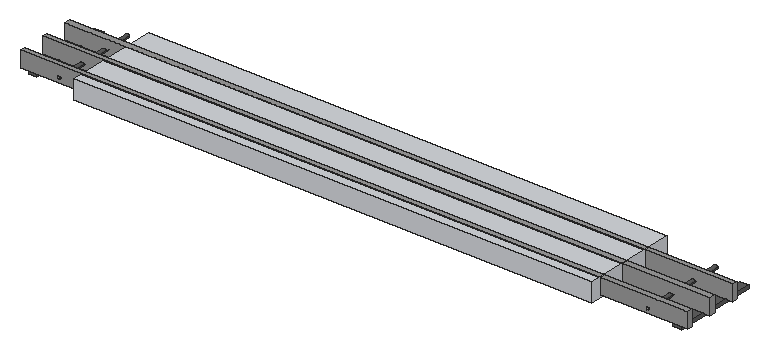
Revit family "1213-3, Veneer", category Generic Models, host Face, Revit 2020
Family settings
  Host = Face
  Can host rebar = No
  Round Connector Dimension = Use Diameter
  Part Type = Normal
  Cut with Voids When Loaded = No
  Shared = No
  Room Calculation Point = No
Parameters
  min_value [instance] = 1' - 11 1/4"  # constant formula
  max_value [instance] = 9' - 11 1/4"  # constant formula
  actual_value [instance] = if(NET LENGTH < min_value, min_value, if(NET LENGTH > max_value, max_value, NET LENGTH))  # 7' - 11 1/4"
  NET LENGTH [instance] = 7' - 11 1/4"
  IMPORTANT NOTE!!!                                                                             *Backer & dowel layout is for visualization purposes only, final layout to be determined by 9Wood. [instance] = ""
  Default Elevation = 4' - 0"
  DOWEL RADIUS [instance] = 0' - 0 1/4"  # constant formula
  BACKING M MATERIAL [instance] = BLACK-BACKERS
  .. MEMBER WIDTH [instance] = 0' - 0 3/4"  # constant formula
  .. MEMBER MATERIAL [instance] = Veneer Cherry
  .. MEMBER DEPTH [instance] = 0' - 2 1/4"  # constant formula
  .. MEMBER COUNT [instance] = 3  # constant formula
Reference planes (in)
  plane 1 "Center (Front/Back)": y = 0
  plane 2: z = 2.726
  plane 3 "Center (Left/Right)": x = 0
Forms (in)
  Extrusion 1, solid
    sketch origin (15, -0.86619, -0.99308) x (0, 1, 0) y (-1, 0, 0)
      loop
        line (3.42869, -23.66817) -> (3.42869, 50.25) -> (-10, 50.25) -> (-10, -23.66817) -> (3.42869, -23.66817)
    from 3.71908 to 1.00111
Dimensions and locks (in)
  aligned and locked: plane 2 to Extrusion 1
Nested families (in)
  nested 1: "1200 Series" at (-44, -2, 1.87867), NET LENGTH <- "actual_value", DOWEL RADII <- "DOWEL RADIUS", .. MEMBER WIDTH <- ".. MEMBER WIDTH", .. MEMBER DEPTH <- ".. MEMBER DEPTH", .. MEMBER MATERIAL <- ".. MEMBER MATERIAL", BACKING M MATERIAL <- "BACKING M MATERIAL", .. MEMBER COUNT <- ".. MEMBER COUNT", type "1200 Series"
    with X 7' - 4", WIDTH 1' - 0 1/16", Space 0' - 0 11/16", START 0' - 0 3/8", SCRIM MATERIAL SCRIM, SCRIM 3 8' - 1", SCRIM 2 0' - 0 7/8", SCRIM 1 0' - 0 3/32", SCRIM yes, NET LENGTH 7' - 11 1/4", N 8, INSET 3 0' - 0 3/16", INSET 0' - 1", INDEX 0' - 5 5/8", END BACKER yes, DOWEL RADII 0' - 0 1/4", DOWEL COUNT 8, BACKING M WIDTH 0' - 1 1/4", BACKING M MATERIAL BLACK-BACKERS, BACKING M LENGTH 0' - 11 7/8", BACKING M DEPTH 0' - 0 1/2", .. MEMBER WIDTH 0' - 0 3/4", .. MEMBER OC TYP 0' - 4", .. MEMBER MATERIAL Veneer Cherry, .. MEMBER DEPTH 0' - 2 1/4", .. MEMBER COUNT 3
Definition of nested family "1200 Series"
  Parameters (values of type "1200 Series")
    X [instance] = NET LENGTH - (0' 3 5/8" * 2)  # 6' - 2"
    WIDTH [instance] = 1' - 0 1/16"
    Space [instance] = 0' - 0 11/16"  # constant formula
    START [instance] = .. MEMBER WIDTH / 2  # 0' - 0 3/8"
    SCRIM MATERIAL [instance] = none
    SCRIM 3 [instance] = NET LENGTH + (SCRIM 2 * 2)  # 6' - 11"
    SCRIM 2 [instance] = 0' - 0 7/8"
    SCRIM 1 [instance] = 0' - 0 3/32"
    SCRIM [instance] = yes
    NET LENGTH [instance] = 6' - 9 1/4"
    N [instance] = if((X - (rounddown(X / 1' 0") * 1' 0")) > 1' 0", rounddown(X / 1' 0") + 2, rounddown(X / 1' 0") + 1)  # 7
    INSET 3 [instance] = 0' - 0 3/16"
    INSET [instance] = 0' - 1"
    INDEX [instance] = (NET LENGTH - ((N - 1) * 1' 0")) / 2  # 0' - 4 5/8"
    END BACKER [instance] = yes
    Default Elevation = 0' - 0"
    DOWEL RADII [instance] = 0' - 0 1/4"
    DOWEL COUNT [instance] = N  # 7
    BACKING M WIDTH [instance] = 0' - 1 1/4"
    BACKING M MATERIAL [instance] = none
    BACKING M LENGTH [instance] = 0' - 11 7/8"
    BACKING M DEPTH [instance] = 0' - 0 1/2"
    .. MEMBER WIDTH [instance] = 0' - 0 3/4"
    .. MEMBER OC TYP [instance] = 1' 0" / .. MEMBER COUNT  # 0' - 3"
    .. MEMBER MATERIAL [instance] = none
    .. MEMBER DEPTH [instance] = 0' - 1 3/8"
    .. MEMBER COUNT [instance] = 4
  Reference planes (in)
    plane 1 "Center (Front/Back)": y = -7.5
    plane 2: z = 0
    plane 3 "Center (Left/Right)": x = 0
    plane 4: x = 1
    plane 5: x = 4.625
    plane 6: x = 81.25
    plane 7: x = 80.25
    plane 8: x = 16.625
    plane 9: y = -7.3125
    plane 10: y = -4.125
    plane 11: y = -7.125
    plane 12: y = 4.5625
    plane 13: y = -4.5
    plane 14: y = -7.59375
    plane 15: x = 82.125
    plane 16: y = 4.65625
    plane 17: x = -0.875
    plane 18: z = -1.375
    plane 19: z = -0.6875
  Lines and regions (in)
    model lines
      curve 1: line (4.375, -7.5, -0.6875) -> (4.875, -7.5, -0.6875)
    model lines, not visible
      curve 2: line (4.625, -7.5, -0.9375) -> (4.625, -7.5, -0.4375)
      curve 3: line (4.375, -7.5, -0.6875) -> (4.875, -7.5, -0.6875)
      curve 4: line (16.625, -7.5, -0.9375) -> (16.625, -7.5, -0.4375)
      curve 5: line (16.375, -7.5, -0.6875) -> (16.875, -7.5, -0.6875)
      curve 6: line (28.625, -7.5, -0.9375) -> (28.625, -7.5, -0.4375)
      curve 7: line (28.375, -7.5, -0.6875) -> (28.875, -7.5, -0.6875)
      curve 8: line (40.625, -7.5, -0.9375) -> (40.625, -7.5, -0.4375)
      curve 9: line (40.375, -7.5, -0.6875) -> (40.875, -7.5, -0.6875)
      curve 10: line (52.625, -7.5, -0.9375) -> (52.625, -7.5, -0.4375)
      curve 11: line (52.375, -7.5, -0.6875) -> (52.875, -7.5, -0.6875)
      curve 12: line (64.625, -7.5, -0.9375) -> (64.625, -7.5, -0.4375)
      curve 13: line (64.375, -7.5, -0.6875) -> (64.875, -7.5, -0.6875)
      curve 14: line (76.625, -7.5, -0.9375) -> (76.625, -7.5, -0.4375)
      curve 15: line (76.375, -7.5, -0.6875) -> (76.875, -7.5, -0.6875)
  Dimensions and locks (in)
    "NET LENGTH": plane 3 "Center (Left/Right)" to plane 6
    "INSET": plane 7 to plane 6
    "INDEX": plane 3 "Center (Left/Right)" to plane 5
    plane 5 to plane 8 = 1' - 0"
    "INSET 3": plane 1 "Center (Front/Back)" to plane 9
    equal spacing: group 1, group 2, group 3, group 4  (x3)
    "START": plane 11 to plane 1 "Center (Front/Back)"
    ".. MEMBER OC TYP": plane 10 to plane 11
    "WIDTH": plane 12 to plane 1 "Center (Front/Back)"
    "START": plane 10 to plane 13
    "SCRIM 1": plane 14 to plane 1 "Center (Front/Back)"
    "SCRIM 2": plane 6 to plane 15
    "SCRIM 1": plane 12 to plane 16
    "SCRIM 2": plane 17 to plane 3 "Center (Left/Right)"
    "INSET": plane 3 "Center (Left/Right)" to plane 4
    equal spacing: group 5, group 6, group 7, group 8, group 9, group 10, group 11  (x3)
    "Space": plane 19 to plane 18
    aligned and locked: level to plane 2
    aligned and locked: nested 1 to plane 4  (x2)
    aligned and locked: plane 7 to nested 2
    aligned and locked: plane 5 to nested 3
    aligned and locked: nested 1 to plane 9
    aligned and locked: plane 1 "Center (Front/Back)" to nested 4
    aligned and locked: plane 9 to nested 2
    aligned and locked: plane 13 to nested 5
    aligned and locked: nested 3 to plane 9
    aligned and locked: plane 18 to nested 1
    aligned and locked: plane 19 to nested 3
    aligned and locked: curve 1 to plane 19
    aligned and locked: plane 8 to curve 4
    aligned and locked: curve 5 to plane 19
    aligned and locked: nested 4 to plane 18
  Automatic sketch dimensions
    curve 1 to curve 1 = 0' - 0 1/2"
    curve 1 to plane 5 = 0' - 0 1/4"
    plane 5 to curve 1 = 0' - 0 1/4"
    curve 3 to curve 2 = 0' - 0 1/4"  (x2)
    curve 2 to curve 3 = 0' - 0 1/4"  (x2)
    curve 5 to curve 4 = 0' - 0 1/4"  (x2)
    curve 4 to curve 5 = 0' - 0 1/4"  (x2)
    curve 7 to curve 6 = 0' - 0 1/4"  (x2)
    curve 6 to curve 7 = 0' - 0 1/4"  (x2)
    curve 9 to curve 8 = 0' - 0 1/4"  (x2)
    curve 8 to curve 9 = 0' - 0 1/4"  (x2)
    curve 11 to curve 10 = 0' - 0 1/4"  (x2)
    curve 10 to curve 11 = 0' - 0 1/4"  (x2)
    curve 13 to curve 12 = 0' - 0 1/4"  (x2)
    curve 12 to curve 13 = 0' - 0 1/4"  (x2)
    curve 15 to curve 14 = 0' - 0 1/4"  (x2)
    curve 14 to curve 15 = 0' - 0 1/4"  (x2)
  Nested families (in)
    nested 1: "INSTANCE - 2ND -  EXTEND SIDE H CENTER W - Parametric Cube" at (1, -1.375, -1.375) x (0, -1, 0) z (0, 0, 1), Width <- "BACKING M LENGTH", Length <- "BACKING M WIDTH", Material <- "BACKING M MATERIAL", Height <- "BACKING M DEPTH", visible <- "END BACKER", type "INSTANCE - 2ND -  EXTEND SIDE H CENTER W - Parametric Cube"
      with Width 0' - 11 7/8", Material none, Length 0' - 1 1/4", Height 0' - 0 1/2"
    nested 2: "INSTANCE - 2ND -  EXTEND SIDE H CENTER W - Parametric Cube" at (80.25, -1.375, -1.375) x (0, -1, 0) z (0, 0, 1), Width <- "BACKING M LENGTH", Length <- "BACKING M WIDTH", Material <- "BACKING M MATERIAL", Height <- "BACKING M DEPTH", visible <- "END BACKER", type "INSTANCE - 2ND -  EXTEND SIDE H CENTER W - Parametric Cube"
      with Width 0' - 11 7/8", Material none, Length 0' - 1 1/4", Height 0' - 0 1/2"
    nested 3: "Family3" at (-5.375, -7.3125, -0.6875), DOWEL RADII <- "DOWEL RADII", BACKING MEM MATERIAL <- "BACKING M MATERIAL", type "Family3"
      with DOWEL RADII 0' - 0 1/4", DOWEL LENGTH 0' - 11 7/8", BACKING MEM MATERIAL none
    nested 4: "HOLED MEMBER" at (0, -18.75, 6.19404), DOWEL RADII <- "DOWEL RADII", .. MEMBER LENGTH <- "NET LENGTH", DOWEL COUNT <- "DOWEL COUNT", DEPTH <- ".. MEMBER DEPTH", .. MEMBER WIDTH <- ".. MEMBER WIDTH", Material <- ".. MEMBER MATERIAL", DOWEL INDEX <- "INDEX", Space 2 <- "Space", type "HOLED MEMBER"
      with Width 0' - 6", Space 2 0' - 0 11/16", Material none, Length 1' - 0", Height 0' - 10.43096", DOWEL RADII 0' - 0 1/4", DOWEL OC DIST 1' - 0", DOWEL INDEX 0' - 4 5/8", DOWEL COUNT 7, DEPTH 0' - 1 3/8", .. MEMBER WIDTH 0' - 0 3/4", .. MEMBER LENGTH 6' - 9 1/4"
    nested 5: "HOLED MEMBER" at (0, -15.75, 6.19404), DOWEL RADII <- "DOWEL RADII", .. MEMBER LENGTH <- "NET LENGTH", DOWEL COUNT <- "DOWEL COUNT", DEPTH <- ".. MEMBER DEPTH", .. MEMBER WIDTH <- ".. MEMBER WIDTH", Material <- ".. MEMBER MATERIAL", DOWEL INDEX <- "INDEX", Space 2 <- "Space", type "HOLED MEMBER"
      with Width 0' - 6", Space 2 0' - 0 11/16", Material none, Length 1' - 0", Height 0' - 10.43096", DOWEL RADII 0' - 0 1/4", DOWEL OC DIST 1' - 0", DOWEL INDEX 0' - 4 5/8", DOWEL COUNT 7, DEPTH 0' - 1 3/8", .. MEMBER WIDTH 0' - 0 3/4", .. MEMBER LENGTH 6' - 9 1/4"
    nested 6: "HOLED MEMBER" at (0, -12.75, 6.19404), DOWEL RADII <- "DOWEL RADII", .. MEMBER LENGTH <- "NET LENGTH", DOWEL COUNT <- "DOWEL COUNT", DEPTH <- ".. MEMBER DEPTH", .. MEMBER WIDTH <- ".. MEMBER WIDTH", Material <- ".. MEMBER MATERIAL", DOWEL INDEX <- "INDEX", Space 2 <- "Space", type "HOLED MEMBER"
      with Width 0' - 6", Space 2 0' - 0 11/16", Material none, Length 1' - 0", Height 0' - 10.43096", DOWEL RADII 0' - 0 1/4", DOWEL OC DIST 1' - 0", DOWEL INDEX 0' - 4 5/8", DOWEL COUNT 7, DEPTH 0' - 1 3/8", .. MEMBER WIDTH 0' - 0 3/4", .. MEMBER LENGTH 6' - 9 1/4"
    nested 7: "HOLED MEMBER" at (0, -9.75, 6.19404), DOWEL RADII <- "DOWEL RADII", .. MEMBER LENGTH <- "NET LENGTH", DOWEL COUNT <- "DOWEL COUNT", DEPTH <- ".. MEMBER DEPTH", .. MEMBER WIDTH <- ".. MEMBER WIDTH", Material <- ".. MEMBER MATERIAL", DOWEL INDEX <- "INDEX", Space 2 <- "Space", type "HOLED MEMBER"
      with Width 0' - 6", Space 2 0' - 0 11/16", Material none, Length 1' - 0", Height 0' - 10.43096", DOWEL RADII 0' - 0 1/4", DOWEL OC DIST 1' - 0", DOWEL INDEX 0' - 4 5/8", DOWEL COUNT 7, DEPTH 0' - 1 3/8", .. MEMBER WIDTH 0' - 0 3/4", .. MEMBER LENGTH 6' - 9 1/4"
    nested 8: "Family3" at (6.625, -7.3125, -0.6875), DOWEL RADII <- "DOWEL RADII", BACKING MEM MATERIAL <- "BACKING M MATERIAL", type "Family3"
      with DOWEL RADII 0' - 0 1/4", DOWEL LENGTH 0' - 11 7/8", BACKING MEM MATERIAL none
    nested 9: "Family3" at (18.625, -7.3125, -0.6875), DOWEL RADII <- "DOWEL RADII", BACKING MEM MATERIAL <- "BACKING M MATERIAL", type "Family3"
      with DOWEL RADII 0' - 0 1/4", DOWEL LENGTH 0' - 11 7/8", BACKING MEM MATERIAL none
    nested 10: "Family3" at (30.625, -7.3125, -0.6875), DOWEL RADII <- "DOWEL RADII", BACKING MEM MATERIAL <- "BACKING M MATERIAL", type "Family3"
      with DOWEL RADII 0' - 0 1/4", DOWEL LENGTH 0' - 11 7/8", BACKING MEM MATERIAL none
    nested 11: "Family3" at (42.625, -7.3125, -0.6875), DOWEL RADII <- "DOWEL RADII", BACKING MEM MATERIAL <- "BACKING M MATERIAL", type "Family3"
      with DOWEL RADII 0' - 0 1/4", DOWEL LENGTH 0' - 11 7/8", BACKING MEM MATERIAL none
    nested 12: "Family3" at (54.625, -7.3125, -0.6875), DOWEL RADII <- "DOWEL RADII", BACKING MEM MATERIAL <- "BACKING M MATERIAL", type "Family3"
      with DOWEL RADII 0' - 0 1/4", DOWEL LENGTH 0' - 11 7/8", BACKING MEM MATERIAL none
    nested 13: "Family3" at (66.625, -7.3125, -0.6875), DOWEL RADII <- "DOWEL RADII", BACKING MEM MATERIAL <- "BACKING M MATERIAL", type "Family3"
      with DOWEL RADII 0' - 0 1/4", DOWEL LENGTH 0' - 11 7/8", BACKING MEM MATERIAL none
  Definition of nested family "INSTANCE - 2ND -  EXTEND SIDE H CENTER W - Parametric Cube"
    Parameters (values of type "INSTANCE - 2ND -  EXTEND SIDE H CENTER W - Parametric Cube")
      Width [instance] = 0' - 6"
      Material [instance] = none
      Length [instance] = 1' - 0"
      Height [instance] = 1' - 6"
      Default Elevation = 0' - 0"
    Reference planes (in)
      plane 1 "Center (Front/Back)": y = 0
      plane 2: z = 0
      plane 3 "Center (Left/Right)": x = 0
      plane 4: x = -3
      plane 5: x = 3
      plane 6: y = 12
      plane 7: z = -18
    Forms (in)
      Extrusion 1, solid, material <- "Material"
        sketch origin (0, 6, 0) x (1, 0, 0) y (0, 1, 0)
          loop
            line (-3, 6) -> (-3, -6) -> (3, -6) -> (3, 6) -> (-3, 6)
        from -18 to 0
    Dimensions and locks (in)
      equal spacing: plane 4, plane 3 "Center (Left/Right)", plane 5
      "Width": plane 4 to plane 5
      "Height": plane 7 to level
      "Length": plane 1 "Center (Front/Back)" to plane 6
      aligned and locked: plane 2 to level
      aligned and locked: plane 4 to Extrusion 1 sketch curve
      aligned and locked: Extrusion 1 sketch curve to plane 5
      aligned and locked: Extrusion 1 to plane 7
      aligned and locked: plane 6 to Extrusion 1
    Automatic sketch dimensions
      plane 1 "Center (Front/Back)" to Extrusion 1 sketch curve = 0' - 0"
      plane 6 to Extrusion 1 sketch curve = 0' - 0"
  Definition of nested family "Family3"
    Parameters (values of type "Family3")
      Default Elevation = 0' - 0"
      DOWEL RADII [instance] = 0' - 0 5/8"
      DOWEL LENGTH [instance] = 0' - 5"
      BACKING MEM MATERIAL [instance] = none
    Reference planes (in)
      plane 1 "Center (Front/Back)": y = 0
      plane 2: z = 0
      plane 3 "Center (Left/Right)": x = 0
      plane 4: y = 5
    Forms (in)
      Extrusion 1, solid, material <- "BACKING MEM MATERIAL"
        sketch origin (10, 0, 0) x (1, 0, 0) y (0, 0, 1)
          loop
            circle (0, 0) r 0.625
        from 0 to -5
      Extrusion 2, solid, not visible
        sketch origin (0, 0, 0) x (1, 0, 0) y (0, 0, 1)
          loop
            circle (0, 0) r 0.625
        from 0 to 12
      Extrusion 3, solid, not visible
        sketch origin (10, 0, 0) x (1, 0, 0) y (0, 0, 1)
          loop
            circle (0, 0) r 0.625
        from 0 to 2.5
      Extrusion 4, solid, not visible
        sketch origin (10, 0, 0) x (1, 0, 0) y (0, 0, 1)
          loop
            circle (0, 0) r 0.625
        from 0 to -12
    Lines and regions (in)
      model lines, not visible
        curve 1: line (-13, 0, 0) -> (-13, -12, 0)
        curve 2: line (13, 0, 0) -> (13, -12, 0)
        curve 3: line (9.89453, 0, 0) -> (10.08794, 0, 0)
        curve 4: line (9.89453, -2.5, 0) -> (10.08794, -2.5, 0)
        curve 6: line (10, 0, 0) -> (10, 2, 0)
      model lines
        curve 5: line (10, 0, 0) -> (10, 2, 0)
    Dimensions and locks (in)
      "DOWEL LENGTH": plane 1 "Center (Front/Back)" to plane 4
      "DOWEL RADII": radius of Extrusion 1 sketch curve
      "DOWEL RADII": radius of Extrusion 2 sketch curve
      "DOWEL RADII": radius of Extrusion 3 sketch curve
      "DOWEL RADII": radius of Extrusion 4 sketch curve
      "DOWEL RADII": radius of Extrusion 1
      aligned and locked: plane 2 to level
      aligned and locked: Extrusion 1 to plane 1 "Center (Front/Back)"  (x3)
      aligned and locked: plane 1 "Center (Front/Back)" to Extrusion 1
      aligned and locked: plane 4 to Extrusion 1
    Automatic sketch dimensions
      plane 1 "Center (Front/Back)" to curve 5 = 0' - 0"
      curve 5 to plane 1 "Center (Front/Back)" = 0' - 2"
      plane 3 "Center (Left/Right)" to curve 5 = 0' - 10"
      Extrusion 1 sketch curve to level = 0' - 0"
      plane 3 "Center (Left/Right)" to Extrusion 1 sketch curve = 0' - 10"
  Definition of nested family "HOLED MEMBER"
    Parameters (values of type "HOLED MEMBER")
      Width [instance] = 0' - 6"
      Space 2 [instance] = 0' - 0 5/8"
      Space = 0' - 0 5/8"
      Material [instance] = none
      Length [instance] = 1' - 0"
      Height [instance] = 0' - 10.43096"
      Default Elevation = 0' - 0"
      DOWEL RADII [instance] = 0' - 0.34537"
      DOWEL OC DIST [instance] = 1' - 0"
      DOWEL INSET = 0' - 0 5/8"
      DOWEL INDEX [instance] = 0' - 5 5/8"
      DOWEL COUNT [instance] = 6
      DEPTH [instance] = 0' - 2"
      .. MEMBER WIDTH [instance] = 0' - 0 5/8"
      .. MEMBER LENGTH [instance] = 5' - 11 3/4"
    Reference planes (in)
      plane 1 "Center (Front/Back)": y = 12
      plane 2: z = -7.56904
      plane 3 "Center (Left/Right)": x = 0
      plane 4: x = 5.625
      plane 5: x = 17.625
      plane 6: y = 11.375
      plane 7: x = 71.75
      plane 8: z = -6.94404
      plane 9: z = -5.56904
    Forms (in)
      Extrusion 1, solid, material <- "Material"
        sketch origin (0, 12, -13.56904) x (1, 0, 0) y (0, 0, 1)
          loop
            line (0, 6) -> (71.75, 6) -> (71.75, 8) -> (0, 8) -> (0, 6)
        from 0.625 to 0
      Extrusion 2, void
        sketch origin (0, 12, -18.31904) x (1, 0, 0) y (0, 0, 1)
          loop
            circle (5.625, 11.375) r 0.34537
        from 0 to 12
      Extrusion 3, void, not visible
        sketch origin (0, 1.25, 0) x (1, 0, 0) y (0, 1, 0)
          loop
            circle (5.625, 11.375) r 0.34537
        from 0 to 12
      Extrusion 4, void, not visible
        sketch origin (0, 1.25, 0) x (1, 0, 0) y (0, 1, 0)
          loop
            circle (5.625, 11.375) r 0.34537
        from 0 to 12
      Extrusion 5, void, not visible
        sketch origin (12, 1.25, 0) x (1, 0, 0) y (0, 1, 0)
          loop
            circle (5.625, 11.375) r 0.34537
        from 0 to 12
      Extrusion 6, void, not visible
        sketch origin (0, 12, -16.31904) x (1, 0, 0) y (0, 0, 1)
          loop
            circle (5.625, 11.375) r 0.34537
        from 0 to 12
      Extrusion 7, void, not visible
        sketch origin (12, 12, -16.31904) x (1, 0, 0) y (0, 0, 1)
          loop
            circle (5.625, 11.375) r 0.34537
        from 0 to 12
      Extrusion 8, void, not visible
        sketch origin (0, 12, -18.31904) x (1, 0, 0) y (0, 0, 1)
          loop
            circle (5.625, 11.375) r 0.34537
        from 0 to 12
      Extrusion 9, void
        sketch origin (12, 12, -18.31904) x (1, 0, 0) y (0, 0, 1)
          loop
            circle (5.625, 11.375) r 0.34537
        from 0 to 12
      Extrusion 10, void, not visible
        sketch origin (24, 12, -16.31904) x (1, 0, 0) y (0, 0, 1)
          loop
            circle (5.625, 11.375) r 0.34537
        from 0 to 12
      Extrusion 11, void, not visible
        sketch origin (36, 12, -16.31904) x (1, 0, 0) y (0, 0, 1)
          loop
            circle (5.625, 11.375) r 0.34537
        from 0 to 12
      Extrusion 12, void, not visible
        sketch origin (48, 12, -16.31904) x (1, 0, 0) y (0, 0, 1)
          loop
            circle (5.625, 11.375) r 0.34537
        from 0 to 12
      Extrusion 13, void, not visible
        sketch origin (60, 12, -16.31904) x (1, 0, 0) y (0, 0, 1)
          loop
            circle (5.625, 11.375) r 0.34537
        from 0 to 12
      Extrusion 14, void, not visible
        sketch origin (24, 1.25, 0) x (1, 0, 0) y (0, 1, 0)
          loop
            circle (5.625, 11.375) r 0.34537
        from 0 to 12
      Extrusion 15, void, not visible
        sketch origin (36, 1.25, 0) x (1, 0, 0) y (0, 1, 0)
          loop
            circle (5.625, 11.375) r 0.34537
        from 0 to 12
      Extrusion 16, void, not visible
        sketch origin (48, 1.25, 0) x (1, 0, 0) y (0, 1, 0)
          loop
            circle (5.625, 11.375) r 0.34537
        from 0 to 12
      Extrusion 17, void, not visible
        sketch origin (60, 1.25, 0) x (1, 0, 0) y (0, 1, 0)
          loop
            circle (5.625, 11.375) r 0.34537
        from 0 to 12
      Extrusion 18, void
        sketch origin (24, 12, -18.31904) x (1, 0, 0) y (0, 0, 1)
          loop
            circle (5.625, 11.375) r 0.34537
        from 0 to 12
      Extrusion 19, void
        sketch origin (36, 12, -18.31904) x (1, 0, 0) y (0, 0, 1)
          loop
            circle (5.625, 11.375) r 0.34537
        from 0 to 12
      Extrusion 20, void
        sketch origin (48, 12, -18.31904) x (1, 0, 0) y (0, 0, 1)
          loop
            circle (5.625, 11.375) r 0.34537
        from 0 to 12
      Extrusion 21, void
        sketch origin (60, 12, -18.31904) x (1, 0, 0) y (0, 0, 1)
          loop
            circle (5.625, 11.375) r 0.34537
        from 0 to 12
    Cuts and joins
      Extrusion 2, Extrusion 9, Extrusion 18, Extrusion 19, Extrusion 20, Extrusion 21 cuts Extrusion 1
    Lines and regions (in)
      model lines, not visible
        curve 1: line (5.625, 11.72037, 0) -> (5.625, 11.02963, 0)
        curve 2: line (5.625, 11.72037, 0) -> (5.625, 11.02963, 0)
        curve 3: line (17.625, 11.72037, 0) -> (17.625, 11.02963, 0)
        curve 4: line (5.625, 12, -7.56904) -> (5.625, 11.87317, -7.56904)
        curve 5: line (5.625, 11.87317, -7.56904) -> (5.06195, 11.87317, -7.56904)
        curve 6: line (5.06195, 11.87317, -7.56904) -> (5.27963, 11.375, -7.56904)
        curve 7: line (0, 12, -6.19404) -> (0, 11.61951, -6.19404)
        curve 8: line (0, 11.375, -8.19404) -> (0, 11.6747, -8.19404)
        curve 9: line (5.625, 12, -7.56904) -> (5.625, 11.69863, -7.56904)
        curve 11: line (5.625, 12, 0) -> (5.625, 12, 0.30137)
        curve 12: line (5.625, 12, 0) -> (5.625, 12, 0.30137)
        curve 13: line (17.625, 12, 0) -> (17.625, 12, 0.30137)
        curve 14: line (5.625, 12, -5.56904) -> (5.625, 11.69863, -5.56904)
        curve 15: line (17.625, 12, -5.56904) -> (17.625, 11.69863, -5.56904)
        curve 16: line (5.625, 12, -7.56904) -> (5.625, 11.69863, -7.56904)
        curve 18: line (29.625, 12, -5.56904) -> (29.625, 11.69863, -5.56904)
        curve 19: line (41.625, 12, -5.56904) -> (41.625, 11.69863, -5.56904)
        curve 20: line (53.625, 12, -5.56904) -> (53.625, 11.69863, -5.56904)
        curve 21: line (65.625, 12, -5.56904) -> (65.625, 11.69863, -5.56904)
        curve 22: line (29.625, 11.72037, 0) -> (29.625, 11.02963, 0)
        curve 23: line (29.625, 12, 0) -> (29.625, 12, 0.30137)
        curve 24: line (41.625, 11.72037, 0) -> (41.625, 11.02963, 0)
        curve 25: line (41.625, 12, 0) -> (41.625, 12, 0.30137)
        curve 26: line (53.625, 11.72037, 0) -> (53.625, 11.02963, 0)
        curve 27: line (53.625, 12, 0) -> (53.625, 12, 0.30137)
        curve 28: line (65.625, 11.72037, 0) -> (65.625, 11.02963, 0)
        curve 29: line (65.625, 12, 0) -> (65.625, 12, 0.30137)
        curve 35: line (5.27963, 12.625, 0) -> (5.97037, 12.625, 0)
        curve 36: line (5.27963, 12.625, 0) -> (5.97037, 12.625, 0)
        curve 37: line (17.27963, 12.625, 0) -> (17.97037, 12.625, 0)
        curve 38: line (5.27963, 12, -4.94404) -> (5.97037, 12, -4.94404)
        curve 39: line (17.27963, 12, -4.94404) -> (17.97037, 12, -4.94404)
        curve 40: line (5.27963, 12, -6.94404) -> (5.97037, 12, -6.94404)
        curve 42: line (29.27963, 12, -4.94404) -> (29.97037, 12, -4.94404)
        curve 43: line (41.27963, 12, -4.94404) -> (41.97037, 12, -4.94404)
        curve 44: line (53.27963, 12, -4.94404) -> (53.97037, 12, -4.94404)
        curve 45: line (65.27963, 12, -4.94404) -> (65.97037, 12, -4.94404)
        curve 46: line (29.27963, 12.625, 0) -> (29.97037, 12.625, 0)
        curve 47: line (41.27963, 12.625, 0) -> (41.97037, 12.625, 0)
        curve 48: line (53.27963, 12.625, 0) -> (53.97037, 12.625, 0)
        curve 49: line (65.27963, 12.625, 0) -> (65.97037, 12.625, 0)
        curve 54: line (0, 12, -6.94404) -> (0, 4.22059, -6.94404)
        curve 55: line (0, 12.625, 0) -> (0, 12.625, 7.77941)
        curve 56: line (0, 12.625, 0) -> (0, 12.625, 7.77941)
        curve 57: line (12, 12.625, 0) -> (12, 12.625, 7.77941)
        curve 58: line (0, 12, -4.94404) -> (0, 4.22059, -4.94404)
        curve 59: line (12, 12, -4.94404) -> (12, 4.22059, -4.94404)
        curve 60: line (0, 12, -6.94404) -> (0, 4.22059, -6.94404)
        curve 61: line (12, 12, -6.94404) -> (12, 4.22059, -6.94404)
        curve 62: line (24, 12, -4.94404) -> (24, 4.22059, -4.94404)
        curve 63: line (36, 12, -4.94404) -> (36, 4.22059, -4.94404)
        curve 64: line (48, 12, -4.94404) -> (48, 4.22059, -4.94404)
        curve 65: line (60, 12, -4.94404) -> (60, 4.22059, -4.94404)
        curve 66: line (24, 12.625, 0) -> (24, 12.625, 7.77941)
        curve 67: line (36, 12.625, 0) -> (36, 12.625, 7.77941)
        curve 68: line (48, 12.625, 0) -> (48, 12.625, 7.77941)
        curve 69: line (60, 12.625, 0) -> (60, 12.625, 7.77941)
        curve 70: line (24, 12, -6.94404) -> (24, 4.22059, -6.94404)
        curve 71: line (36, 12, -6.94404) -> (36, 4.22059, -6.94404)
        curve 72: line (48, 12, -6.94404) -> (48, 4.22059, -6.94404)
        curve 73: line (60, 12, -6.94404) -> (60, 4.22059, -6.94404)
      model lines
        curve 10: line (5.625, 12, -7.56904) -> (5.625, 11.69863, -7.56904)
        curve 17: line (17.625, 12, -7.56904) -> (17.625, 11.69863, -7.56904)
        curve 30: line (29.625, 12, -7.56904) -> (29.625, 11.69863, -7.56904)
        curve 31: line (41.625, 12, -7.56904) -> (41.625, 11.69863, -7.56904)
        curve 32: line (53.625, 12, -7.56904) -> (53.625, 11.69863, -7.56904)
        curve 33: line (65.625, 12, -7.56904) -> (65.625, 11.69863, -7.56904)
        curve 34: line (5.27963, 12, -6.94404) -> (5.97037, 12, -6.94404)
        curve 41: line (17.27963, 12, -6.94404) -> (17.97037, 12, -6.94404)
        curve 50: line (29.27963, 12, -6.94404) -> (29.97037, 12, -6.94404)
        curve 51: line (41.27963, 12, -6.94404) -> (41.97037, 12, -6.94404)
        curve 52: line (53.27963, 12, -6.94404) -> (53.97037, 12, -6.94404)
        curve 53: line (65.27963, 12, -6.94404) -> (65.97037, 12, -6.94404)
    Dimensions and locks (in)
      "DOWEL INDEX": plane 3 "Center (Left/Right)" to plane 4
      "DOWEL OC DIST": plane 4 to plane 5
      ".. MEMBER LENGTH": plane 3 "Center (Left/Right)" to plane 7
      equal spacing: group 3, group 4, group 17, group 18, group 19, group 20  (x3)
      equal spacing: group 7, group 8, group 13, group 14, group 15, group 16  (x3)
      equal spacing: group 1, group 12, group 21, group 22, group 23, group 24  (x3)
      ".. MEMBER WIDTH": plane 6 to plane 1 "Center (Front/Back)"
      "DEPTH": plane 9 to level
      "Space 2": plane 8 to level
      "DOWEL RADII": radius of Extrusion 2 sketch curve
      "DOWEL RADII": radius of Extrusion 3 sketch curve
      "DOWEL RADII": radius of Extrusion 4 sketch curve
      "DOWEL RADII": radius of Extrusion 5 sketch curve
      "DOWEL RADII": radius of Extrusion 6 sketch curve
      "DOWEL RADII": radius of Extrusion 7 sketch curve
      "DOWEL RADII": radius of Extrusion 8 sketch curve
      "DOWEL RADII": radius of Extrusion 9 sketch curve
      "DOWEL RADII": radius of Extrusion 10 sketch curve
      "DOWEL RADII": radius of Extrusion 11 sketch curve
      "DOWEL RADII": radius of Extrusion 12 sketch curve
      "DOWEL RADII": radius of Extrusion 13 sketch curve
      "DOWEL RADII": radius of Extrusion 14 sketch curve
      "DOWEL RADII": radius of Extrusion 15 sketch curve
      "DOWEL RADII": radius of Extrusion 16 sketch curve
      "DOWEL RADII": radius of Extrusion 17 sketch curve
      "DOWEL RADII": radius of Extrusion 18 sketch curve
      "DOWEL RADII": radius of Extrusion 19 sketch curve
      "DOWEL RADII": radius of Extrusion 20 sketch curve
      "DOWEL RADII": radius of Extrusion 21 sketch curve
      aligned and locked: level to plane 2
      aligned and locked: Extrusion 1 to plane 3 "Center (Left/Right)"  (x2)
      aligned and locked: plane 7 to cut or joined group of Extrusion 1, Extrusion 2, Extrusion 9, Extrusion 18, Extrusion 19, Extrusion 20, Extrusion 21  (x2)
      aligned and locked: cut or joined group of Extrusion 1, Extrusion 2, Extrusion 9, Extrusion 18, Extrusion 19, Extrusion 20, Extrusion 21 to plane 1 "Center (Front/Back)"  (x2)
      aligned and locked: cut or joined group of Extrusion 1, Extrusion 2, Extrusion 9, Extrusion 18, Extrusion 19, Extrusion 20, Extrusion 21 to plane 6  (x2)
      aligned and locked: plane 4 to curve 10
      aligned and locked: plane 5 to curve 17
      aligned and locked: plane 9 to cut or joined group of Extrusion 1, Extrusion 2, Extrusion 9, Extrusion 18, Extrusion 19, Extrusion 20, Extrusion 21  (x2)
      aligned and locked: cut or joined group of Extrusion 1, Extrusion 2, Extrusion 9, Extrusion 18, Extrusion 19, Extrusion 20, Extrusion 21 to level
      aligned and locked: plane 8 to Extrusion 2
      aligned and locked: curve 34 to plane 8
      aligned and locked: curve 41 to plane 8
      aligned and locked: level to curve 10
      aligned and locked: curve 10 to level
      aligned and locked: plane 8 to cut or joined group of Extrusion 1, Extrusion 2, Extrusion 9, Extrusion 18, Extrusion 19, Extrusion 20, Extrusion 21
      aligned and locked: curve 54 to plane 8
    Automatic sketch dimensions
      curve 1 to curve 1 = 0' - 0.69074"
      curve 2 to curve 2 = 0' - 0.69074"
      curve 3 to curve 3 = 0' - 0.69074"
      Extrusion 1 sketch curve to plane 3 "Center (Left/Right)" = 0' - 0"
      Extrusion 1 sketch curve to plane 7 = 0' - 0"
      Extrusion 1 sketch curve to Extrusion 1 sketch curve = 0' - 2"
      level to Extrusion 1 sketch curve = 0' - 0"
      curve 9 to curve 9 = 0' - 0.30137"
      curve 10 to curve 10 = 0' - 0.30137"
      curve 11 to curve 11 = 0' - 0.30137"
      curve 12 to curve 12 = 0' - 0.30137"
      curve 13 to curve 13 = 0' - 0.30137"
      curve 14 to curve 14 = 0' - 0.30137"
      curve 15 to curve 15 = 0' - 0.30137"
      curve 16 to curve 16 = 0' - 0.30137"
      curve 17 to curve 17 = 0' - 0.30137"
      curve 18 to curve 18 = 0' - 0.30137"
      curve 19 to curve 19 = 0' - 0.30137"
      curve 20 to curve 20 = 0' - 0.30137"
      curve 21 to curve 21 = 0' - 0.30137"
      curve 22 to curve 22 = 0' - 0.69074"
      curve 23 to curve 23 = 0' - 0.30137"
      curve 24 to curve 24 = 0' - 0.69074"
      curve 25 to curve 25 = 0' - 0.30137"
      curve 26 to curve 26 = 0' - 0.69074"
      curve 27 to curve 27 = 0' - 0.30137"
      curve 28 to curve 28 = 0' - 0.69074"
      curve 29 to curve 29 = 0' - 0.30137"
      curve 30 to curve 30 = 0' - 0.30137"
      curve 31 to curve 31 = 0' - 0.30137"
      curve 32 to curve 32 = 0' - 0.30137"
      curve 33 to curve 33 = 0' - 0.30137"
      curve 34 to curve 34 = 0' - 0.69074"
      curve 35 to curve 35 = 0' - 0.69074"
      curve 36 to curve 36 = 0' - 0.69074"
      curve 37 to curve 37 = 0' - 0.69074"
      curve 38 to curve 38 = 0' - 0.69074"
      curve 39 to curve 39 = 0' - 0.69074"
      curve 40 to curve 40 = 0' - 0.69074"
      curve 41 to curve 41 = 0' - 0.69074"
      curve 42 to curve 42 = 0' - 0.69074"
      curve 43 to curve 43 = 0' - 0.69074"
      curve 44 to curve 44 = 0' - 0.69074"
      curve 45 to curve 45 = 0' - 0.69074"
      curve 46 to curve 46 = 0' - 0.69074"
      curve 47 to curve 47 = 0' - 0.69074"
      curve 48 to curve 48 = 0' - 0.69074"
      curve 49 to curve 49 = 0' - 0.69074"
      curve 50 to curve 50 = 0' - 0.69074"
      curve 51 to curve 51 = 0' - 0.69074"
      curve 52 to curve 52 = 0' - 0.69074"
      curve 53 to curve 53 = 0' - 0.69074"
      curve 54 to curve 54 = 0' - 7.77941"
      curve 55 to curve 55 = 0' - 7.77941"
      curve 56 to curve 56 = 0' - 7.77941"
      curve 57 to curve 57 = 0' - 7.77941"
      curve 58 to curve 58 = 0' - 7.77941"
      curve 59 to curve 59 = 0' - 7.77941"
      curve 60 to curve 60 = 0' - 7.77941"
      curve 61 to curve 61 = 0' - 7.77941"
      curve 62 to curve 62 = 0' - 7.77941"
      curve 63 to curve 63 = 0' - 7.77941"
      curve 64 to curve 64 = 0' - 7.77941"
      curve 65 to curve 65 = 0' - 7.77941"
      curve 66 to curve 66 = 0' - 7.77941"
      curve 67 to curve 67 = 0' - 7.77941"
      curve 68 to curve 68 = 0' - 7.77941"
      curve 69 to curve 69 = 0' - 7.77941"
      curve 70 to curve 70 = 0' - 7.77941"
      curve 71 to curve 71 = 0' - 7.77941"
      curve 72 to curve 72 = 0' - 7.77941"
      curve 73 to curve 73 = 0' - 7.77941"
